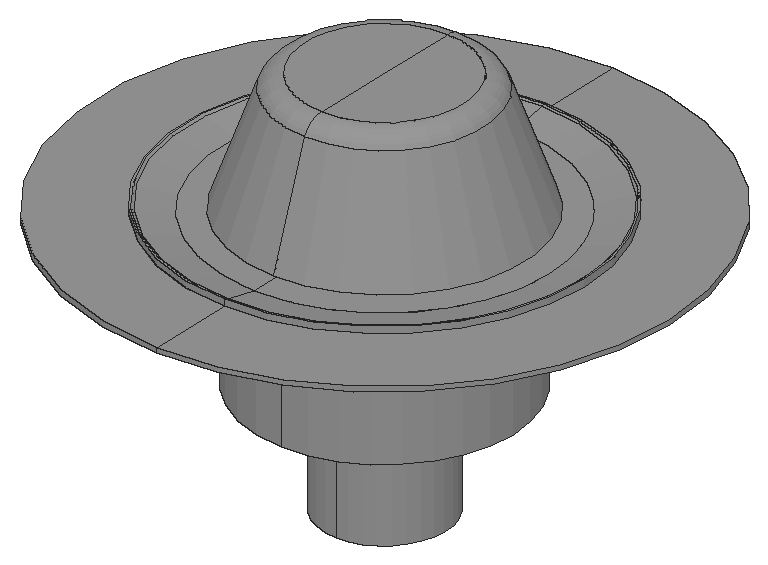
Revit family "HL_RU_Roof drain_HL62-B-221103", category Sanitärinstallationen, Revit 2020
Family settings
  Bemaßung runder Anschluss = Durchmesser verwenden
  Teiletyp = Normal
  OmniClass-Nummer = 23.70.50.21.24.14
  OmniClass-Titel = Deck Waste Water Drains
  Arbeitsebenenbasiert = Nein
  Immer vertikal = Ja
  Beim Laden mit Abzugskörper schneiden = Nein
  Gemeinsam genutzt = Nein
  Raumberechnungspunkt = Ja
Parameters (values of type "HL_Кровельная воронка_HL62_7")
  РЕШЁТКА = "Laubfangkorb d 145 mm"
  РАЗМЕР = "DN75"
  ПРОПУСКНАЯ СПОСОБНОСТЬ [instance] = 0.0 L/s
  ПРОИЗВОДИТЕЛЬНОСТЬ = "9,9 l/s"
  ПРАВОВАЯ ИНФОРМАЦИЯ = "Авторские права(©), права на дизайн или какие либо другие права интелектуальной собственности являются исключительной собственностью компании HL Hutterer & Lechner. Изменению не подлежит. Файл семейства с данными о прозводителе изделия защищен паролем с водяным знаком."
  НОМИНАЛЬНЫЙ ДИАМЕТР = 75 mm
  МАТЕРИАЛ = "PP"
  ВЫСОТА МОНТАЖА = "100 mm"
  ВЕС = "1,51 [kg]"
  Vorgabe-Ansicht = 0 mm
  Hersteller = "HL Hutterer & Lechner GmbH"  # constant formula
  URL = "http://www.hutterer-lechner.com/ru/products/catalog/roof-drains/HL62/7.aspx"
  Материал плитка [instance] = none
  Lüftungsverbindung = no
  Abwasserrohrverbindung = yes
  HW-Verbindung = no
  KW-Verbindung = no
  Beschreibung = "Кровельные воронки"
  Model = "HL62_7"
  Assembly Code = " "
  Typenkommentare = "HL62/7 Кровельная воронка DN75 с зажимным элементом.,"
  Keynote = "HL62_7"
  Bысота монтажа [instance] = 0 mm  # constant formula
  G [instance] = 180.00°  # constant formula
  EAN = "9003076830626"
  D [instance] = if(НОМИНАЛЬНЫЙ ДИАМЕТР = 160 mm, 60 mm, 67 mm) + Bысота монтажа  # 67 mm
  C [instance] = if(Bысота монтажа - 68 mm < 0 mm, 0 mm, Bысота монтажа - 68 mm)  # 0 mm
  B [instance] = 100 mm  # constant formula
  A [instance] = if(B - 100 mm > 15 mm, B - 100 mm, 15 mm)  # 15 mm
Types (5, lengths in mm): name | РАЗМЕР | ПРОИЗВОДИТЕЛЬНОСТЬ | НОМИНАЛЬНЫЙ ДИАМЕТР | ВЕС | URL | Model | Typenkommentare | Keynote | EAN | D
  (no name) | "DN75" | "9,9 l/s" | 75 | "1,51 [kg]" | "http://www.hutterer-lechner.com/ru/products/catalog/roof-drains/HL62/7.aspx" | "HL62_7" | "HL62/7 Кровельная воронка DN75 с зажимным элементом.," | "HL62_7" | "9003076830626" | 67
  HL_Кровельная воронка_HL62_1 | "DN110" | "10,7 l/s" | 110 | "1,49 [kg]" | "http://www.hutterer-lechner.com/ru/products/catalog/roof-drains/HL62/1.aspx" | "HL62_1" | "HL62/1 Кровельная воронка DN110 с зажимным элементом.," | "HL62_1" | "9003076800629" | 67
  HL_Кровельная воронка_HL62_2 | "DN125" | "14,0 l/s" | 125 | "1,48 [kg]" | "http://www.hutterer-lechner.com/ru/products/catalog/roof-drains/HL62/2.aspx" | "HL62_2" | "HL62/2 Кровельная воронка DN125 с зажимным элементом.," | "HL62_2" | "9003076810628" | 67
  HL_Кровельная воронка_HL62_5 | "DN160" | "14,1 l/s" | 160 | "1,52 [kg]" | "http://www.hutterer-lechner.com/ru/products/catalog/roof-drains/HL62/5.aspx" | "HL62_5" | "HL62/5 Кровельная воронка DN160 с зажимным элементом.," | "HL62_5" | "9003076820627" | 60
  HL_Кровельная воронка_HL62_7 | "DN75" | "9,9 l/s" | 75 | "1,51 [kg]" | "http://www.hutterer-lechner.com/ru/products/catalog/roof-drains/HL62/7.aspx" | "HL62_7" | "HL62/7 Кровельная воронка DN75 с зажимным элементом.," | "HL62_7" | "9003076830626" | 67
Reference planes
  plane 1 "Center (Front/Back)": y = 0
  plane 2: z = 0
  plane 3 "Center (Left/Right)": x = 0
  plane 4: z = -100
  plane 5: z = 0
Lines and regions (mm)
  model lines, style "InvisibleLines"
    curve 1: line (0, 0, 0) -> (0, 0, 20)
  model lines, style "PlumbingFixtures", detail levels coarse+medium
    curve 2: line (0, 0, -100) -> (0, 0, -85)
    curve 3: line (0, 0, -85) -> (-85, 0, 0)
    curve 4: line (0, 0, -85) -> (85, 0, 0)
    curve 6: line (0, 0, -100) -> (0, 0, -167)
  reference lines, not visible
    curve 5: line (0, 0, -100) -> (0, 0, -167)
  symbolic lines, style "PlumbingFixtures", detail levels coarse+medium
    curve 7: line (-75, 75, 0) -> (75, 75, 0)
    curve 8: line (-75, -75, 0) -> (-75, 75, 0)
    curve 9: line (75, -75, 0) -> (-75, -75, 0)
    curve 10: line (75, 75, 0) -> (75, -75, 0)
    curve 11: line (-75, 75, 0) -> (-145.711, 145.711, 0)
    curve 12: line (75, 75, 0) -> (145.711, 145.711, 0)
    curve 13: line (-75, -75, 0) -> (-145.711, -145.711, 0)
    curve 14: line (75, -75, 0) -> (145.711, -145.711, 0)
  symbolic lines, style "PlumbingFixtures", not visible, detail levels coarse+medium
    curve 15: line (-75, 75, 0) -> (75, 75, 0)
    curve 16: line (-75, -75, 0) -> (-75, 75, 0)
    curve 17: line (75, -75, 0) -> (-75, -75, 0)
    curve 18: line (75, 75, 0) -> (75, -75, 0)
    curve 19: line (-75, 75, 0) -> (-145.711, 145.711, 0)
    curve 20: line (75, 75, 0) -> (145.711, 145.711, 0)
    curve 21: line (-75, -75, 0) -> (-145.711, -145.711, 0)
    curve 22: line (75, -75, 0) -> (145.711, -145.711, 0)
Text (mm)
  text "FLOOR" at (-162.344, 0, -10.979), in view "Drain Construction View"
Dimensions and locks
  "B": plane 2 to plane 4
  "Bысота монтажа": plane 2 to plane 5
  "A": curve 4 to plane 4
  "D": curve 5 to curve 5
  "D": curve 6 to curve 6
  locked: curve 4 to plane 3 "Center (Left/Right)" (angle 45.00°)
  locked: plane 3 "Center (Left/Right)" to curve 3 (angle 45.00°)
  "G": angle curve 5 to plane 3 "Center (Left/Right)"
  aligned and locked: level to plane 2
  aligned and locked: plane 2 to curve 4
  aligned and locked: plane 2 to curve 3
  aligned and locked: plane 4 to curve 5
  aligned and locked: plane 3 "Center (Left/Right)" to curve 5
  aligned and locked: plane 4 to curve 2
  aligned and locked: curve 6 to plane 3 "Center (Left/Right)"
  aligned and locked: curve 6 to plane 4
  aligned and locked: plane 5 to nested 1
  aligned and locked: plane 3 "Center (Left/Right)" to nested 1
  aligned and locked: plane 2 to nested 2
  aligned and locked: plane 3 "Center (Left/Right)" to nested 2
Automatic sketch dimensions
  curve 2 to plane 3 "Center (Left/Right)" = 0 mm
  curve 1 to plane 3 "Center (Left/Right)" = 0 mm
  curve 1 to level = 0 mm
  level to curve 1 = 20 mm
Nested families
  nested 1: "HL_кровельные воронки - корпус_HL62" at (0, 0, 0), НОМИНАЛЬНЫЙ ДИАМЕТР <- "НОМИНАЛЬНЫЙ ДИАМЕТР", type "HL_кровельные воронки - корпус_HL62"
    with НОМИНАЛЬНЫЙ ДИАМЕТР 75 mm, L 69 mm
  nested 2: "HL_Вспомогательные материалы-Противопожарная защита_HL062.1E" at (0, 0, 0), type "HL_Вспомогательные материалы-Противопожарная защита_HL062.1E"
Connectors
  piping at (0, 0, -167), diameter 75, driven by "ПРОПУСКНАЯ СПОСОБНОСТЬ", driven by "НОМИНАЛЬНЫЙ ДИАМЕТР"
    settings: on curve 5, index 1, connector inside diameter 609.6 mm, connector length 0 mm, flow factor 0, pipe flow 0.0 L/s, pressure drop 0.0 Pa, fitting loss kfactor 0, connector angle 0.00°, fixture units 0, engagement length 0 mm, angle of deflection 0.00°, flow configuration 1, flow direction 2, fitting loss method 0, system type 16, joint type 0, gender type 0, connector reference index -1, connector utility 0, adjustable connector yes, is connector primary yes, connector description ""
Definition of nested family "HL_кровельные воронки - корпус_HL62"
  Parameters (values of type "HL_кровельные воронки - корпус_HL62")
    НОМИНАЛЬНЫЙ ДИАМЕТР [instance] = 110 mm
    Default Elevation = 0 mm
    Manufacturer = ""
    URL = ""
    Description = ""
    Model = ""
    L [instance] = if(НОМИНАЛЬНЫЙ ДИАМЕТР = 160 mm, 62 mm, 69 mm)  # 69 mm
    Type Comments = ""
    Cost = 0
  Reference planes
    plane 1 "Střed (vpředu/vzadu)": y = 0
    plane 2: z = 0
    plane 3 "Střed (vlevo/vpravo)": x = 0
    plane 4: z = -97.92
  Forms (mm)
    Revolve 1, solid, detail levels fine
      sketch origin (0, 0, 0) x (0, 1, 0) y (0, 0, 1)
        loop
          line (177, -3) -> (177, 0) -> (124.39, 0) -> (101.905, -2.2) -> (79.004, -2.2) -> (79.004, -22.024) -> (74.451, -22.024) -> (74.451, -35.37) -> (65.787, -35.37) -> (64.804, -43.37) -> (0, -43.37) -> (0, -97.92) -> (79.982, -97.92) -> (79.982, -31.54) -> (86.489, -31.54) -> (86.489, -28.04) -> (101.489, -28.04) -> (101.489, -13.704) -> (130.898, -3) -> (177, -3)
        axis (0, 0) -> (0, -97.92)
      angle from 0 to 360
    Revolve 2, solid, detail levels fine
      sketch origin (0, 0, 0) x (0, 1, 0) y (0, 0, 1)
        loop
          line (124.39, 0) -> (124.39, 4) -> (123.297, 4) -> (122.033, 3.115) -> (101.733, -1.2) -> (79.004, -1.2) -> (79.004, -2.2) -> (101.905, -2.2) -> (124.39, 0)
        axis (0, 4) -> (0, -2.2)
      angle from 0 to 360
    Extrusion 3, solid, detail levels fine
      sketch origin (0, 79.982, -97.92) x (0, 1, 0) y (-1, 0, 0)
        loop
          circle (-79.982, 0) r 55
      from 0 to -69
  Dimensions and locks
    "L": plane 4 to Extrusion 3
    "НОМИНАЛЬНЫЙ ДИАМЕТР": diameter of Extrusion 3 sketch curve
    aligned and locked: level to plane 2
  Automatic sketch dimensions
    Revolve 1 sketch curve to plane 1 "Střed (vpředu/vzadu)" = 0 mm  (x2)
    level to Revolve 1 sketch curve = 0 mm
    Revolve 1 sketch curve to plane 1 "Střed (vpředu/vzadu)" = 64.804 mm
    Revolve 1 sketch curve to Revolve 1 sketch curve = 0.982 mm
    Revolve 1 sketch curve to Revolve 1 sketch curve = 8.664 mm
    Revolve 1 sketch curve to Revolve 1 sketch curve = 4.553 mm
    Revolve 1 sketch curve to Revolve 1 sketch curve = 15.178 mm
    Revolve 1 sketch curve to Revolve 1 sketch curve = 6.507 mm
    Revolve 1 sketch curve to Revolve 1 sketch curve = 15 mm
    Revolve 1 sketch curve to level = 2.2 mm
    Revolve 1 sketch curve to Revolve 1 sketch curve = 0.416 mm
    Revolve 1 sketch curve to Revolve 1 sketch curve = 22.485 mm
    Revolve 1 sketch curve to level = 3 mm
    Revolve 1 sketch curve to Revolve 1 sketch curve = 6.508 mm
    Revolve 1 sketch curve to Revolve 1 sketch curve = 46.102 mm
    Revolve 1 sketch curve to Revolve 1 sketch curve = 11.504 mm
    Revolve 1 sketch curve to Revolve 1 sketch curve = 19.824 mm
    Revolve 1 sketch curve to Revolve 1 sketch curve = 6.016 mm
    Revolve 1 sketch curve to Revolve 1 sketch curve = 3.5 mm
    Revolve 1 sketch curve to Revolve 1 sketch curve = 3.83 mm
    Revolve 1 sketch curve to Revolve 1 sketch curve = 8 mm
    Revolve 1 sketch curve to Revolve 1 sketch curve = 54.55 mm
    Revolve 1 sketch curve to Revolve 1 sketch curve = 202.08 mm
    level to Revolve 1 sketch curve = 300 mm
    Revolve 2 sketch curve to plane 1 "Střed (vpředu/vzadu)" = 0 mm
    level to Revolve 2 sketch curve = 0 mm
    Revolve 2 sketch curve to level = 2.2 mm
    Revolve 2 sketch curve to plane 1 "Střed (vpředu/vzadu)" = 79.004 mm
    Revolve 2 sketch curve to level = 1.2 mm
    Revolve 2 sketch curve to Revolve 2 sketch curve = 22.729 mm
    Revolve 2 sketch curve to Revolve 2 sketch curve = 0.172 mm
    level to Revolve 2 sketch curve = 3.115 mm
    Revolve 2 sketch curve to Revolve 2 sketch curve = 20.299 mm
    Revolve 2 sketch curve to Revolve 2 sketch curve = 1.264 mm
    Revolve 2 sketch curve to Revolve 2 sketch curve = 1.093 mm
    Revolve 2 sketch curve to Revolve 2 sketch curve = 0.885 mm
    Revolve 2 sketch curve to level = 69.647 mm
    level to Revolve 2 sketch curve = 33.8 mm
    plane 1 "Střed (vpředu/vzadu)" to Extrusion 3 sketch curve = 0 mm
    Extrusion 3 sketch curve to plane 3 "Střed (vlevo/vpravo)" = 0 mm
Definition of nested family "HL_Вспомогательные материалы-Противопожарная защита_HL062.1E"
  Parameters
    ПРАВОВАЯ ИНФОРМАЦИЯ = ""
    ВЕС = "0,097 [kg]"
    Default Elevation = 0 mm
    Manufacturer = ""
    URL = ""
    Материал плитка = none
    Description = ""
    Model = ""
    Type Comments = "HL062.1E, domed plastic grate"
    Keynote = ""
    Пропускная способность [instance] = 0.0 L/s
    EAN = "9003076006212"
    Cost = 0
  Types (2, lengths in mm): name | ПРАВОВАЯ ИНФОРМАЦИЯ | Manufacturer | URL | Description | Model | Type Comments | Keynote
    (no name) | "" | "" | "" | "" | "" | "HL062.1E, domed plastic grate" | ""
    HL_Вспомогательные материалы-Противопожарная защита_HL062.1E | "Авторские права(©), права на дизайн или какие либо другие права интелектуальной собственности являются исключительной собственностью компании HL Hutterer & Lechner. Изменению не подлежит. Файл семейства с данными о прозводителе изделия защищен паролем с водяным знаком." | "HL Hutterer & Lechner GmbH" | "http://www.hutterer-lechner.com/ru/products/catalog/roof-drains/HL062.1E.aspx" | "Кровельные воронки" | "HL062.1E" | "HL062.1E, Листвоуловитель" | "HL062.1E"
  Reference planes
    plane 1 "Střed (vpředu/vzadu)": y = 0
    plane 2: z = 0
    plane 3 "Střed (vlevo/vpravo)": x = 0
  Forms (mm)
    Revolve 1, solid, detail levels fine
      sketch origin (0, 0, 0) x (0, 1, 0) y (0, 0, 1)
        loop
          line (0, 75) -> (0, 60.2) -> (47.074, 60.2) -> (68.985, 0) -> (86.249, 0) -> (61.992, 66.646)
          arc (61.992, 66.646) -> (56.733, 72.731) -> (49.016, 75) r 14.255
          line (49.016, 75) -> (0, 75)
        axis (0, 75) -> (0, 0)
      angle from 0 to 360
    Extrusion 2, solid, detail levels fine
      sketch origin (0, 0, 0) x (0, 1, 0) y (1, 0, 0)
        loop
          circle (0, 0) r 78.587
        loop
          circle (0, 0) r 70.981
      from 0 to 16.7
    Extrusion 3, solid, detail levels fine
      sketch origin (0, 0, -16.7) x (-1, 0, 0) y (0, 1, 0)
        loop
          circle (0, 0) r 70
        loop
          circle (0, 0) r 74.546
      from 0 to 12.3
  Dimensions and locks
    aligned and locked: level to plane 2
